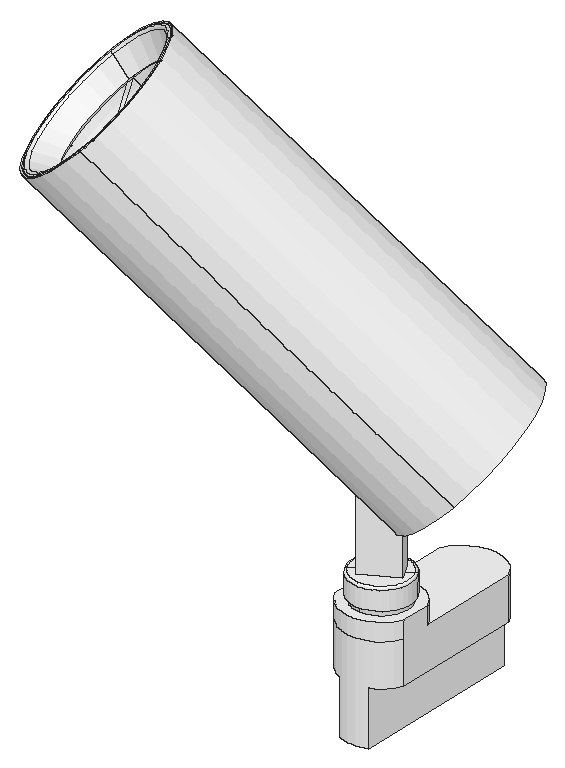
Revit family "0005442", category Lighting Fixtures, host Face, Revit 2017
Family settings
  Host = Face
  Round Connector Dimension = Use Diameter
  Part Type = Normal
  OmniClass Number = 23.80.70.00
  OmniClass Title = Lighting
  Cut with Voids When Loaded = No
  Light Source = No
  Shared = No
  Room Calculation Point = No
Parameters (values of type "0005442 PIXO MEDIUM 2800LM 930 NB MB WB WHT - 24 degree")
  Weight = "7.136 kg"
  Wattage Comments = ""
  WarrantyStartDate [instance] = "n/a"
  WarrantyGuarantorParts = "n/a"
  WarrantyDurationUnit = "n/a"
  WarrantyDurationParts = "n/a"
  WarrantyDescription = "n/a"
  Voltage = 0 V
  VerticalRotation_SYL [instance] = 60.00°
  VerticalEndAngle_SYL [instance] = VerticalRotation_SYL - 180.00°  # -120.00°
  URL = "http://www.sylvania-lighting.com"
  TypeName = "Pixo Medium 2800lm 930 NB MB WB WHT"
  TypeHead_SYL = START Track Spot Integral Head : 0005442 - 24 degree
  TypeArm_SYL = START Track Spot Integral Arm : START Track Spot Integral WH
  Type Image = <None>
  Type Comments = "n/a"
  SerialNumber [instance] = "n/a"
  Material_3_SYL = none
  PowerFactor = 0.9
  PowerConsumption = "32 W"
  NominalLength = 283 mm
  NominalHeight = 81 mm
  NominalDepth = 86 mm
  Name = "Pixo Medium 2800lm 930 NB MB WB WHT"
  ModelReference = Name  # "Pixo Medium 2800lm 930 NB MB WB WHT"
  ModelNumber = "0005442"
  Model = Name  # "Pixo Medium 2800lm 930 NB MB WB WHT"
  Material = "n/a"
  ManufacturerName = "Feilo Sylvania"
  Manufacturer = "Feilo Sylvania"
  LuminousEfficacy = "89 lm/W"
  LuminaireType = ""
  LightOutputRatio = "n/a"
  LampsType = Lamp  # "LED"
  LampNominalLuminous = "2835 lm"
  LampMacAdamStep = "5"
  LampColourTemperature = "3000 K"
  LampColourRenderingIndex = "90"
  Lamp = "LED"
  Keynote = "16500"
  InstallationDate [instance] = "n/a"
  InputVoltage = "n/a"
  InputNominalFrequency = "n/a"
  IngressProtection = "IP20"
  ImpactProtectionIndex = "IK03"
  IfcExportType = "IfcLightFixtureType"
  IfcExportAs = "IfcLightFixtureType"
  HorizontalRotation_SYL [instance] = 45.00°
  ExpectedLife = 50000
  ElectricShockClassification = "Class I"
  DurationUnit = "hours"
  DocumentationLiterature = "http://www.sylvania-lighting.com/product/en-int/products/0005442"
  DimmingControlOptions = "n/a"
  Material_2_SYL = Spacer-Sylvania-StartTrackSpot-Aluminium
  Description = "Integrated LED spotlight, Textured White - RAL9016, simple and slick integral design with no driver box and without any visible screws, ideal for retail applications, die-cast aluminium body, passive cooling heatsink. Beam angle: 36°, additional lenses 24° and 54° beam angle included, color temperature: 3000K , total system power: 32W, total fixture output: 2835 lm, LOR: 100%, colour rendering: Ra: 90 typical, LED Chromaticity: 3 step MacAdam ellipse, lifetime: >50000 hours at L70B50, energy class: A++, A+, A, IR/UV free light source without heat radiation, operating voltage: 220-240V / 50-60Hz,  electronic driver, non-dimmable, ultra low LED flickering rate (5% or less), power factor: >0.90, electrical protection: Class I, Global Track 3 Circuit GA69 adapter suitable for Global trac 3-circuit tracks, ingress protection rating: IP20, suitable for internal environment only, horizontal rotation: 345°, vertical tilt: 90°, dimensions: Ø81x86x283, weight: 0.892kg."
  Default Elevation = 1219.2 mm
  CreatedOn = "9/9/2020"
  CreatedBy = "@sylvania-lighting.com"
  Cost = 0
  built-in parameter 1114216 [instance] = (empty or 0)
  ClassificationValue = "EF_70_80"
  ClassificationName = "Uniclass2015"
  Material_1_SYL = Body-Sylvania-StartTrackSpot-White
  BarCode [instance] = "n/a"
  AssetType = "Fixed"
  AssetIdentifier [instance] = "n/a"
  Assembly Code = "D5020200"
  Apparent Load = 32 VA
  Material_4_SYL = none
Reference planes
  plane 1 "Center (Front/Back)": y = 0
  plane 2: z = 0
  plane 3 "Center (Left/Right)": x = 0
  plane 4: x = 16.6
  plane 5: x = -16.6
  plane 6: x = 7
  plane 7: x = -7
  plane 8: x = -12.8
  plane 9: y = 42
  plane 10: y = 42
  plane 11: y = -42
  plane 12: y = 31.4
  plane 13: y = -31.4
  plane 14: z = -26
  plane 15: z = 20.3
  plane 16: z = 28.5
  plane 17: z = 31.2
  plane 18: y = -17.4
  plane 19: y = -6.8
  plane 20: y = -24.4
Forms (mm)
  Extrusion 1, solid, material "Body-Sylvania-StartTrackSpot-White" <- "Material_1_SYL"
    sketch origin (0, 0, 0) x (1, 0, 0) y (0, 1, 0)
      loop
        line (-16.6, 31.4) -> (-16.6, -31.4)
        arc (-16.6, -31.4) -> (0, -42) -> (16.6, -31.4) r 18.298
        line (16.6, -31.4) -> (16.6, 31.4)
        arc (16.6, 31.4) -> (0, 42) -> (-16.6, 31.4) r 18.298
    from -26 to 20.3
  Extrusion 2, void
    sketch origin (0, 0, 0) x (1, 0, 0) y (0, 1, 0)
      loop
        arc (-7, 40.608) -> (-12.666, 36.907) -> (-16.6, 31.4) r 18.298
        line (-16.6, 31.4) -> (-16.6, -31.4)
        arc (-16.6, -31.4) -> (-12.666, -36.907) -> (-7, -40.608) r 18.298
        line (-7, -40.608) -> (-7, 40.608)
      loop
        line (16.6, -31.4) -> (16.6, 31.4)
        arc (16.6, 31.4) -> (12.666, 36.907) -> (7, 40.608) r 18.298
        line (7, 40.608) -> (7, -40.608)
        arc (7, -40.608) -> (12.666, -36.907) -> (16.6, -31.4) r 18.298
    from 0 to -26
  Extrusion 3, solid, material "Body-Sylvania-StartTrackSpot-White" <- "Material_1_SYL"
    sketch origin (1223.4, -4572, 20.3) x (0, -1, 0) y (-1, 0, 0)
      loop
        line (-4540.6, 1240) -> (-4554.6, 1240)
        arc (-4554.6, 1240) -> (-4565.2, 1223.4) -> (-4554.6, 1206.8) r 18.298
        line (-4554.6, 1206.8) -> (-4540.6, 1206.8)
        arc (-4540.6, 1206.8) -> (-4530, 1223.4) -> (-4540.6, 1240) r 18.298
    from -8.2 to 0
  Extrusion 4, solid, material "Spacer-Sylvania-StartTrackSpot-Aluminium" <- "Material_2_SYL"
    sketch origin (1223.4, -4572, 28.5) x (0, -1, 0) y (-1, 0, 0)
      loop
        circle (-4547.6, 1223.4) r 12.7
    from 0 to -2.7
  Revolve 5, solid, not visible
    sketch origin (1524, -24.4, 1219.2) x (1, 0, 0) y (0, 0, 1)
      loop
        line (-1524, -1188) -> (-1524, -1168.735) -> (-1531, -1168.735) -> (-1531, -1188) -> (-1524, -1188)
      axis (-1524, -1168.735) -> (-1524, -1188)
    angle from 60 <- "VerticalRotation_SYL" to -120 <- "VerticalEndAngle_SYL"
Cuts and joins
  Extrusion 2 cuts Extrusion 1
  joined: Extrusion 1, Extrusion 3
Lines and regions (mm)
  reference lines
    curve 1: circle (0, -24.4, 0) r 12.7 normal (0, 0, 1)
    curve 2: arc (-16.6, -31.4, 0) -> (0, -42, 0) -> (16.6, -31.4, 0) r 18.298
    curve 3: arc (-16.6, -17.4, 0) -> (0, -6.8, 0) -> (16.6, -17.4, 0) r 18.298
    curve 4: arc (-16.6, 31.4, 0) -> (0, 42, 0) -> (16.6, 31.4, 0) r 18.298
Dimensions and locks
  plane 6 to plane 3 "Center (Left/Right)" to plane 7 = 7 mm locked, 7 mm locked
  plane 4 to plane 3 "Center (Left/Right)" to plane 5 = 16.6 mm locked, 16.6 mm locked
  locked: plane 3 "Center (Left/Right)" to plane 8 at 12.8
  plane 11 to plane 1 "Center (Front/Back)" to plane 10 = 42 mm locked, 42 mm locked
  plane 13 to plane 1 "Center (Front/Back)" to plane 12 = 31.4 mm locked, 31.4 mm locked
  locked: plane 2 to plane 14 at 26
  locked: plane 15 to plane 2 at 20.3
  plane 17 to plane 16 to plane 15 = 2.7 mm locked, 8.2 mm locked
  locked: plane 13 to plane 18 at 14
  locked: plane 18 to plane 19 at 10.6
  equal spacing: plane 13, plane 20, plane 18
  locked: plane 20 to curve 2 at 0.698
  locked: curve 3 to plane 20 at 0.698
  aligned and locked: plane 2 to host face
  aligned and locked: level to host face
  aligned and locked: plane 3 "Center (Left/Right)" to curve 1
  aligned and locked: plane 20 to curve 1
  aligned and locked: plane 13 to curve 2  (x2)
  aligned and locked: plane 18 to curve 3  (x2)
  aligned and locked: plane 12 to curve 4  (x2)
  aligned and locked: plane 4 to curve 4
  aligned and locked: plane 3 "Center (Left/Right)" to curve 4
  aligned and locked: plane 5 to curve 2
  aligned and locked: plane 5 to curve 3
  aligned and locked: plane 4 to curve 3
  aligned and locked: plane 4 to curve 2
  aligned and locked: plane 12 to Extrusion 1 sketch curve
  aligned and locked: plane 13 to Extrusion 1 sketch curve
  aligned and locked: Extrusion 1 sketch curve to curve 4
  aligned and locked: Extrusion 1 sketch curve to curve 2
  aligned and locked: Extrusion 1 to plane 15
  aligned and locked: plane 14 to Extrusion 1
  aligned and locked: Extrusion 2 sketch curve to Extrusion 1  (x5)
  aligned and locked: Extrusion 2 sketch curve to plane 7
  aligned and locked: plane 14 to Extrusion 2
  aligned and locked: level to Extrusion 2
  aligned and locked: Extrusion 3 sketch curve to cut or joined group of Extrusion 1, Extrusion 2, Extrusion 3  (x2)
  aligned and locked: Extrusion 3 sketch curve to curve 3
  aligned and locked: cut or joined group of Extrusion 1, Extrusion 2, Extrusion 3 to Extrusion 3 sketch curve
  aligned and locked: Extrusion 3 to plane 16
  aligned and locked: plane 15 to Extrusion 3
  aligned and locked: Extrusion 4 sketch curve to curve 1
  aligned and locked: Extrusion 4 to plane 17
  aligned and locked: plane 16 to Extrusion 4
  aligned and locked: Revolve 5 sketch curve to plane 3 "Center (Left/Right)"
  aligned and locked: Extrusion 4 to Revolve 5 sketch curve
  aligned and locked: Revolve 5 sketch curve to Extrusion 4
  aligned and locked: plane 17 to nested 1
Automatic sketch dimensions
  host sketch curve to host sketch curve = 2438.4 mm  (x2)
  plane 12 to curve 4 = 7.698 mm
  plane 12 to Extrusion 2 sketch curve = 0 mm
  Extrusion 2 sketch curve to Extrusion 2 sketch curve = 0 mm  (x2)
  Extrusion 2 sketch curve to plane 6 = 0 mm
  Revolve 5 sketch curve to plane 7 = 0 mm
  Revolve 5 sketch curve to Revolve 5 sketch curve = 19.265 mm
  plane 14 to Revolve 5 sketch curve = 583.6 mm
  Revolve 5 sketch curve to Revolve 5 sketch curve = 2558.594 mm
  radius of curve 1 = 12.7 mm
Nested families
  nested 1: "START Track Spot Integral Arm" at (0, -24.4, 31.2) x (0, 0, -1) z (0.866, 0.5, 0), type <- "TypeArm_SYL", HorizontalRotation_SYL <- "HorizontalRotation_SYL", type "START Track Spot Integral WH"
    with HorizontalRotation_SYL 45.00°, HorizontalEndAngle_SYL -135.00°
  nested 2: "START Track Spot Integral Head" at (18.677, -13.617, 104.767) x (-0.5, 0.866, 0) z (0.6124, 0.3536, -0.7071), type <- "TypeHead_SYL", type "0005442 - 24 degree"
    with built-in parameter 1114216 (empty or 0)
Connectors
  electrical at (0, 0, 0), driven by "Apparent Load", driven by "PowerFactor", driven by "Voltage"
    settings: index 1, voltage 0 V, apparent load 32 VA, apparent load phase1 0 VA, apparent load phase2 0 VA, apparent load phase3 0 VA, power factor 0.9, load classification "Lighting", number of poles 1, system type 30, power factor state 1, is connector primary yes, connector utility no, sub classification motor no, connector description ""
Definition of nested family "START Track Spot Integral Arm"
  Parameters (values of type "START Track Spot Integral WH")
    URL = "http://www.sylvania-lighting.com"
    Type Image = (empty or 0)
    Type Comments = "n/a"
    Material_3_SYL = none
    Model = ""
    Manufacturer = "Feilo Sylvania"
    Keynote = ""
    Material_2_SYL = none
    HorizontalRotation_SYL [instance] = 0.00°
    HorizontalEndAngle_SYL [instance] = HorizontalRotation_SYL - 180.00°  # -180.00°
    Description = ""
    Default Elevation = 1219.2 mm
    Cost = 0
    Material_1_SYL = none
    Assembly Code = ""
    Material_4_SYL = none
  Types (2): name
    START Track Spot Integral WH
    START Track Spot Integral BL
  Reference planes
    plane 1 "Center (Front/Back)": y = 0
    plane 2: z = 0
    plane 3 "Center (Left/Right)": x = 0
    plane 4: x = -10
    plane 5: z = -14
    plane 6: z = -14
    plane 7: z = 14
    plane 8: x = -52
    plane 9: z = 9
    plane 10: z = -9
    plane 11: x = -60
    plane 12: y = 4.5
    plane 13: y = -4.5
    plane 14: x = -9
    plane 15: z = 13
    plane 16: z = 4
    plane 17: z = -4
    plane 18: x = -55
  Forms (mm)
    Extrusion 1, solid
      sketch origin (4.2, 0, 0) x (1, 0, 0) y (0, 1, 0)
        loop
          line (-1219.2, 1219.2) -> (-1219.2, -1219.2) -> (1219.2, -1219.2) -> (1219.2, 1219.2) -> (-1219.2, 1219.2)
      from 0 to -68.017
    Revolve 2, solid, material <- "Material_1_SYL"
      sketch origin (0, 0, 0) x (1, 0, 0) y (0, 0, 1)
        loop
          line (0, 0) -> (0, 14) -> (-9, 14)
          arc (-9, 14) -> (-9.707, 13.707) -> (-10, 13) r 1
          line (-10, 13) -> (-10, 0) -> (0, 0)
        axis (-10, 0) -> (0, 0)
      angle from 360 to 0
    Extrusion 3, solid, material <- "Material_1_SYL"
      sketch origin (0, 0, 0) x (1, 0, 0) y (0, 0, 1)
        loop
          line (-10, 9) -> (-55, 9)
          arc (-55, 9) -> (-58.536, 7.536) -> (-60, 4) r 5
          line (-60, 4) -> (-60, -4)
          arc (-60, -4) -> (-58.536, -7.536) -> (-55, -9) r 5
          line (-55, -9) -> (-10, -9) -> (-10, 9)
      from -4.5 to 4.5
    Revolve 4, solid, not visible
      sketch origin (-52, -4572, 2609.058) x (0, 0, 1) y (0, -1, 0)
        loop
          line (-2609.058, -4553.46) -> (-2609.058, -4590.54) -> (-2605.058, -4590.54) -> (-2605.058, -4553.46) -> (-2609.058, -4553.46)
        axis (-2609.058, -4553.46) -> (-2609.058, -4590.54)
      angle from 0 <- "HorizontalRotation_SYL" to -180 <- "HorizontalEndAngle_SYL"
  Dimensions and locks
    locked: plane 3 "Center (Left/Right)" to plane 4 at 10
    plane 7 to plane 2 to plane 6 = 14 mm locked, 14 mm locked
    locked: plane 4 to plane 8 at 42
    plane 13 to plane 1 "Center (Front/Back)" to plane 12 = 4.5 mm locked, 4.5 mm locked
    locked: plane 14 to plane 4 at 1
    locked: plane 7 to plane 15 at 1
    locked: plane 9 to plane 16 at 5
    locked: plane 17 to plane 10 at 5
    equal spacing: Revolve 4 sketch curve, plane 1 "Center (Front/Back)", Revolve 4 sketch curve
    locked: Revolve 4 sketch curve to plane 1 "Center (Front/Back)" at 18.54
    locked: plane 18 to plane 11 at 5
    locked: plane 4 to plane 11 at 50
    aligned and locked: plane 2 to Extrusion 1
    aligned and locked: level to Extrusion 1
    aligned and locked: level to Revolve 2 sketch curve  (x2)
    aligned and locked: plane 3 "Center (Left/Right)" to Revolve 2 sketch curve
    aligned and locked: Revolve 2 sketch curve to plane 7
    aligned and locked: plane 4 to Revolve 2 sketch curve
    aligned and locked: plane 15 to Revolve 2 sketch curve
    aligned and locked: plane 14 to Revolve 2 sketch curve
    aligned and locked: Revolve 2 sketch curve to plane 2
    aligned and locked: Extrusion 3 sketch curve to plane 9
    aligned and locked: plane 4 to Extrusion 3 sketch curve
    aligned and locked: plane 10 to Extrusion 3 sketch curve
    aligned and locked: Extrusion 3 sketch curve to plane 11
    aligned and locked: plane 13 to Extrusion 3
    aligned and locked: Extrusion 3 to plane 12
    aligned and locked: plane 16 to Extrusion 3 sketch curve
    aligned and locked: plane 17 to Extrusion 3 sketch curve
    aligned and locked: Revolve 4 sketch curve to level
    aligned and locked: Revolve 4 sketch curve to plane 16
    aligned and locked: Revolve 4 sketch curve to plane 2
    aligned and locked: plane 18 to Extrusion 3 sketch curve  (x2)
Definition of nested family "START Track Spot Integral Head"
  Parameters (values of type "0005442 - 54 degree")
    WidthCutOut_SYL = 9.5 mm  # constant formula
    Wattage Comments = "n/a"
    Wattage = 33 W
    built-in parameter 1150110 = 1 (stored number, unit not read)
    URL = "http://www.sylvania-lighting.com"
    Type Image = (empty or 0)
    Type Comments = "n/a"
    built-in parameter 1114217 = 1 (stored number, unit not read)
    Tilt Angle = 90.00°
    built-in parameter 1150109 = 1 (stored number, unit not read)
    built-in parameter 1150134 = (empty or 0)
    built-in parameter 1150113 = 1 (stored number, unit not read)
    S_SYL = no
    RadiusLensOut_SYL = if(S_SYL, 21 mm, if(M_SYL, 30.5 mm, 33 mm))  # 30.5 mm
    RadiusLensHolder_SYL = 1.8 mm  # constant formula
    RadiusHead_SYL = if(S_SYL, 30 mm, if(M_SYL, 40 mm, 45.5 mm))  # 40 mm
    RadiusEmission_SYL = if(S_SYL, 8 mm, if(M_SYL, 16.5 mm, 16.5 mm))  # 16.5 mm
    Photometric Web File = "0005442_54.ies"
    built-in parameter 1150142 = "IESNA:LM-63-2002\r\n[TEST] 202000173-1\r\n[TESTLAB] \r\n[TESTDATE] 6 Jun 2020\r\n[ISSUEDATE] 6 Jun 2020\r\n[MANUFAC] Sylvania\r\n[LUMCAT] 202000173-1\r\n[LUMINAIRE] FT1080-W-3000£¨54¡ã£©\r\n[FLASHAREA] 0.000985\r\n[LAMPCAT] 202000173-1\r\n[LAMP] LED 32W - 30.76 W\r\nTILT=NONE\r\n1 2837.90 1.0 181 4 1 2 -0.072 -0.072 0.000\r\n1.00 1.00 30.76\r\n0.00 1.00 2.00 3.00 4.00 5.00 6.00 7.00 8.00 9.00 10.00 \r\n11.00 12.00 13.00 14.00 15.00 16.00 17.00 18.00 19.00 \r\n20.00 21.00 22.00 23.00 24.00 25.00 26.00 27.00 28.00 \r\n29.00 30.00 31.00 32.00 33.00 34.00 35.00 36.00 37.00 \r\n38.00 39.00 40.00 41.00 42.00 43.00 44.00 45.00 46.00 \r\n47.00 48.00 49.00 50.00 51.00 52.00 53.00 54.00 55.00 \r\n56.00 57.00 58.00 59.00 60.00 61.00 62.00 63.00 64.00 \r\n65.00 66.00 67.00 68.00 69.00 70.00 71.00 72.00 73.00 \r\n74.00 75.00 76.00 77.00 78.00 79.00 80.00 81.00 82.00 \r\n83.00 84.00 85.00 86.00 87.00 88.00 89.00 90.00 91.00 \r\n92.00 93.00 94.00 95.00 96.00 97.00 98.00 99.00 100.00 \r\n101.00 102.00 103.00 104.00 105.00 106.00 107.00 108.00 \r\n109.00 110.00 111.00 112.00 113.00 114.00 115.00 116.00 \r\n117.00 118.00 119.00 120.00 121.00 122.00 123.00 124.00 \r\n125.00 126.00 127.00 128.00 129.00 130.00 131.00 132.00 \r\n133.00 134.00 135.00 136.00 137.00 138.00 139.00 140.00 \r\n141.00 142.00 143.00 144.00 145.00 146.00 147.00 148.00 \r\n149.00 150.00 151.00 152.00 153.00 154.00 155.00 156.00 \r\n157.00 158.00 159.00 160.00 161.00 162.00 163.00 164.00 \r\n165.00 166.00 167.00 168.00 169.00 170.00 171.00 172.00 \r\n173.00 174.00 175.00 176.00 177.00 178.00 179.00 180.00 \r\n0.00 30.00 60.00 90.00 \r\n3424.87 3400.90 3409.08 3414.36 3412.88 3409.36 3401.93 \r\n3390.44 3375.38 3351.78 3320.61 3281.94 3233.88 3182.93 \r\n3126.47 3065.61 3001.69 2928.48 2853.69 2765.69 2672.48 \r\n2574.63 2460.76 2334.53 2207.60 2071.70 1934.64 1796.64 \r\n1660.39 1518.09 1379.19 1237.68 1100.86 974.23 844.33 \r\n736.17 626.33 532.77 448.08 381.66 319.51 272.53 234.33 \r\n205.17 179.59 159.16 141.12 127.81 115.93 106.61 97.92 \r\n90.67 84.39 78.81 73.69 68.86 64.79 60.84 57.44 54.20 \r\n51.11 48.30 45.35 42.75 38.04 35.44 32.89 30.48 28.29 \r\n26.12 24.27 22.41 20.64 18.91 17.08 15.05 12.73 11.01 \r\n9.53 8.04 6.60 5.14 3.72 2.47 1.62 1.07 0.66 0.36 0.14 \r\n0.04 0.01 0.01 0.01 0.01 0.01 0.01 0.01 0.01 0.01 0.01 \r\n0.02 0.02 0.02 0.03 0.03 0.03 0.04 0.05 0.05 0.05 0.06 \r\n0.00 0.00 0.00 0.00 0.00 0.00 0.00 0.00 0.00 0.00 0.00 \r\n0.00 0.00 0.00 0.00 0.00 0.00 0.00 0.00 0.00 0.00 0.00 \r\n0.00 0.00 0.00 0.00 0.00 0.00 0.00 0.00 0.00 0.00 0.00 \r\n0.00 0.00 0.00 0.00 0.00 0.00 0.00 0.00 0.00 0.00 0.00 \r\n0.00 0.00 0.00 0.00 0.00 0.00 0.00 0.00 0.00 0.00 0.00 \r\n0.00 0.00 0.00 0.00 0.00 0.00 0.00 0.00 0.00 0.00 0.00 \r\n0.00 0.00 0.00 0.00 \r\n3424.87 3417.38 3416.81 3414.97 3413.03 3408.78 3403.46 \r\n3391.38 3372.47 3347.86 3317.13 3278.50 3232.49 3181.28 \r\n3127.55 3064.67 2999.36 2926.45 2849.46 2764.13 2670.02 \r\n2566.43 2451.14 2334.84 2204.70 2071.63 1937.47 1799.87 \r\n1662.70 1524.23 1387.61 1244.65 1111.42 980.97 854.20 \r\n740.61 632.89 542.53 459.49 388.39 328.04 280.96 240.66 \r\n208.56 182.68 161.70 143.73 129.37 117.35 107.63 98.77 \r\n91.29 84.71 78.92 74.00 69.40 65.31 61.45 57.92 54.61 \r\n51.40 48.44 45.01 41.64 38.38 35.18 32.72 30.28 28.09 \r\n26.01 24.07 22.21 20.42 18.62 16.63 14.71 12.77 10.96 \r\n9.40 7.95 6.56 5.11 3.82 2.63 1.75 1.13 0.69 0.39 0.18 \r\n0.07 0.03 0.02 0.02 0.02 0.02 0.02 0.02 0.02 0.02 0.02 \r\n0.03 0.03 0.03 0.03 0.03 0.03 0.03 0.04 0.04 0.05 0.05 \r\n0.00 0.00 0.00 0.00 0.00 0.00 0.00 0.00 0.00 0.00 0.00 \r\n0.00 0.00 0.00 0.00 0.00 0.00 0.00 0.00 0.00 0.00 0.00 \r\n0.00 0.00 0.00 0.00 0.00 0.00 0.00 0.00 0.00 0.00 0.00 \r\n0.00 0.00 0.00 0.00 0.00 0.00 0.00 0.00 0.00 0.00 0.00 \r\n0.00 0.00 0.00 0.00 0.00 0.00 0.00 0.00 0.00 0.00 0.00 \r\n0.00 0.00 0.00 0.00 0.00 0.00 0.00 0.00 0.00 0.00 0.00 \r\n0.00 0.00 0.00 0.00 \r\n3424.87 3423.16 3421.37 3419.92 3417.63 3413.79 3404.88 \r\n3391.57 3372.21 3345.77 3314.80 3276.67 3232.56 3181.61 \r\n3126.55 3064.77 2996.83 2922.22 2841.16 2754.97 2661.64 \r\n2560.04 2448.29 2329.78 2202.22 2070.79 1935.22 1800.36 \r\n1660.86 1522.71 1386.32 1246.32 1113.35 985.25 859.67 \r\n748.04 642.09 547.19 465.35 392.00 332.20 281.10 242.60 \r\n209.63 183.90 162.30 145.19 129.95 117.76 107.81 98.98 \r\n91.37 84.90 79.03 73.81 69.14 64.86 60.94 57.40 54.04 \r\n50.91 48.01 44.52 41.36 38.00 35.19 32.51 30.18 27.94 \r\n25.86 23.91 22.04 20.27 18.43 16.52 14.57 12.64 10.90 \r\n9.32 7.84 6.43 5.08 3.76 2.65 1.77 1.13 0.68 0.38 0.19 \r\n0.08 0.03 0.01 0.01 0.01 0.02 0.02 0.02 0.02 0.02 0.02 \r\n0.02 0.02 0.03 0.03 0.03 0.03 0.03 0.04 0.04 0.04 0.05 \r\n0.00 0.00 0.00 0.00 0.00 0.00 0.00 0.00 0.00 0.00 0.00 \r\n0.00 0.00 0.00 0.00 0.00 0.00 0.00 0.00 0.00 0.00 0.00 \r\n0.00 0.00 0.00 0.00 0.00 0.00 0.00 0.00 0.00 0.00 0.00 \r\n0.00 0.00 0.00 0.00 0.00 0.00 0.00 0.00 0.00 0.00 0.00 \r\n0.00 0.00 0.00 0.00 0.00 0.00 0.00 0.00 0.00 0.00 0.00 \r\n0.00 0.00 0.00 0.00 0.00 0.00 0.00 0.00 0.00 0.00 0.00 \r\n0.00 0.00 0.00 0.00 \r\n3424.87 3424.20 3422.85 3421.96 3419.16 3416.48 3408.72 \r\n3395.54 3378.69 3355.77 3323.54 3283.42 3237.00 3187.83 \r\n3131.02 3067.45 3000.55 2926.09 2844.72 2757.81 2664.04 \r\n2561.42 2450.70 2331.51 2203.44 2071.43 1936.53 1798.13 \r\n1658.49 1519.15 1379.52 1244.04 1110.01 979.28 854.03 \r\n741.07 637.39 543.93 463.50 393.83 333.60 286.23 243.17 \r\n211.22 185.41 162.84 145.51 130.53 118.51 107.89 99.07 \r\n91.35 84.68 78.74 73.43 68.70 64.40 60.47 56.86 53.50 \r\n50.41 47.43 43.82 40.97 38.25 34.67 32.19 29.79 27.60 \r\n25.56 23.59 21.76 20.02 18.23 16.32 14.36 12.53 10.73 \r\n9.22 7.82 6.43 5.00 3.72 2.55 1.68 1.05 0.63 0.35 0.17 \r\n0.07 0.01 0.00 0.01 0.01 0.01 0.01 0.01 0.02 0.02 0.02 \r\n0.02 0.02 0.03 0.03 0.03 0.04 0.04 0.04 0.04 0.05 0.00 \r\n0.00 0.00 0.00 0.00 0.00 0.00 0.00 0.00 0.00 0.00 0.00 \r\n0.00 0.00 0.00 0.00 0.00 0.00 0.00 0.00 0.00 0.00 0.00 \r\n0.00 0.00 0.00 0.00 0.00 0.00 0.00 0.00 0.00 0.00 0.00 \r\n0.00 0.00 0.00 0.00 0.00 0.00 0.00 0.00 0.00 0.00 0.00 \r\n0.00 0.00 0.00 0.00 0.00 0.00 0.00 0.00 0.00 0.00 0.00 \r\n0.00 0.00 0.00 0.00 0.00 0.00 0.00 0.00 0.00 0.00 0.00 \r\n0.00 0.00 0.00 0.00 \r\n"
    Material_3_SYL = none
    Model = "ST TRK SPT INTGRL 2700LM 930 MB WHT"
    Manufacturer = "Feilo Sylvania"
    M_SYL = yes
    built-in parameter 1150105 = 214.86 (stored number, unit not read)
    Lumens = 2700 lm
    built-in parameter 1150115 = 1 (stored number, unit not read)
    built-in parameter 1150137 = (empty or 0)
    built-in parameter 1150139 = (empty or 0)
    built-in parameter 1150112 = 1 (stored number, unit not read)
    built-in parameter 1150114 = 1 (stored number, unit not read)
    Lamp = "LED"
    Keynote = "16500"
    Material_2_SYL = none
    built-in parameter 1150132 = (empty or 0)
    built-in parameter 1150102 = (empty or 0)
    built-in parameter 1150107 = 3000 (stored number, unit not read)
    built-in parameter 1150138 = (empty or 0)
    built-in parameter 1150106 = 2.1486 (stored number, unit not read)
    Height_SYL = if(S_SYL, 160 mm, if(M_SYL, 200 mm, 215 mm))  # 200 mm
    Emit from Circle Diameter = RadiusLensOut_SYL * 2  # 61 mm
    Emit Shape Visible in Rendering = no
    built-in parameter 1150104 = 7.6012 (stored number, unit not read)
    DistRotateAxisY_SYL = 16.8 mm  # constant formula
    Dimming Lamp Color Temperature Shift = (empty or 0)
    Description = ""
    DepthLens_SYL = 1.25 * (RadiusHead_SYL - 1 mm - RadiusLensOut_SYL)  # 10.625 mm
    DepthEmission_SYL = Height_SYL / 6.4  # 31.25 mm
    DepthCutOut_SYL = WidthCutOut_SYL * 2  # 19 mm
    Default Elevation = 1219.2 mm
    Cost = 0
    Color Filter = 16777215
    built-in parameter 1114216 [instance] = (empty or 0)
    Material_1_SYL = none
    built-in parameter 1114218 = 1 (stored number, unit not read)
    built-in parameter 1150133 = 10 (stored number, unit not read)
    Assembly Code = "D5020200"
    Apparent Load = 33 VA
    Material_4_SYL = none
  Types (3, lengths in mm): name | Photometric Web File | built-in parameter 1150142
    0005442 - 24 degree | "0005442_24.ies" | "IESNA:LM-63-2002\r\n[TEST] 202000173-1\r\n[TESTLAB] \r\n[TESTDATE] 6 Jun 2020\r\n[ISSUEDATE] 6 Jun 2020\r\n[MANUFAC] Sylvania\r\n[LUMCAT] 202000173-1\r\n[LUMINAIRE] FT1080-W-3000£¨24¡ã£©\r\n[FLASHAREA] 0.000985\r\n[LAMPCAT] 202000173-1\r\n[LAMP] LED 32W - 30.76 W\r\nTILT=NONE\r\n1 2619.70 1.0 181 4 1 2 -0.072 -0.072 0.000\r\n1.00 1.00 30.76\r\n0.00 1.00 2.00 3.00 4.00 5.00 6.00 7.00 8.00 9.00 10.00 \r\n11.00 12.00 13.00 14.00 15.00 16.00 17.00 18.00 19.00 \r\n20.00 21.00 22.00 23.00 24.00 25.00 26.00 27.00 28.00 \r\n29.00 30.00 31.00 32.00 33.00 34.00 35.00 36.00 37.00 \r\n38.00 39.00 40.00 41.00 42.00 43.00 44.00 45.00 46.00 \r\n47.00 48.00 49.00 50.00 51.00 52.00 53.00 54.00 55.00 \r\n56.00 57.00 58.00 59.00 60.00 61.00 62.00 63.00 64.00 \r\n65.00 66.00 67.00 68.00 69.00 70.00 71.00 72.00 73.00 \r\n74.00 75.00 76.00 77.00 78.00 79.00 80.00 81.00 82.00 \r\n83.00 84.00 85.00 86.00 87.00 88.00 89.00 90.00 91.00 \r\n92.00 93.00 94.00 95.00 96.00 97.00 98.00 99.00 100.00 \r\n101.00 102.00 103.00 104.00 105.00 106.00 107.00 108.00 \r\n109.00 110.00 111.00 112.00 113.00 114.00 115.00 116.00 \r\n117.00 118.00 119.00 120.00 121.00 122.00 123.00 124.00 \r\n125.00 126.00 127.00 128.00 129.00 130.00 131.00 132.00 \r\n133.00 134.00 135.00 136.00 137.00 138.00 139.00 140.00 \r\n141.00 142.00 143.00 144.00 145.00 146.00 147.00 148.00 \r\n149.00 150.00 151.00 152.00 153.00 154.00 155.00 156.00 \r\n157.00 158.00 159.00 160.00 161.00 162.00 163.00 164.00 \r\n165.00 166.00 167.00 168.00 169.00 170.00 171.00 172.00 \r\n173.00 174.00 175.00 176.00 177.00 178.00 179.00 180.00 \r\n0.00 30.00 60.00 90.00 \r\n11641.30 11908.43 11828.96 11656.08 11400.67 11039.19 \r\n10581.35 10001.32 9261.80 8488.48 7637.83 6793.05 5945.57 \r\n5196.90 4490.15 3894.20 3355.78 2882.19 2470.07 2116.88 \r\n1792.37 1528.21 1269.92 1055.31 869.91 710.57 581.14 \r\n474.23 388.08 311.78 254.81 210.26 177.08 153.42 131.42 \r\n117.04 106.18 98.59 92.50 87.49 82.93 79.05 75.54 72.44 \r\n69.83 67.57 65.76 64.42 63.29 62.64 62.11 61.74 61.45 \r\n61.01 60.42 59.71 58.87 57.81 56.56 55.03 53.31 51.37 \r\n49.37 47.32 45.10 42.91 40.64 38.39 36.04 33.59 31.18 \r\n28.60 26.10 23.69 21.26 18.94 16.48 14.05 11.83 10.18 \r\n8.61 6.85 4.52 2.49 1.37 0.95 0.60 0.34 0.15 0.05 0.02 \r\n0.01 0.01 0.01 0.01 0.01 0.01 0.01 0.01 0.02 0.02 0.03 \r\n0.03 0.03 0.03 0.03 0.03 0.04 0.04 0.04 0.05 0.00 0.00 \r\n0.00 0.00 0.00 0.00 0.00 0.00 0.00 0.00 0.00 0.00 0.00 \r\n0.00 0.00 0.00 0.00 0.00 0.00 0.00 0.00 0.00 0.00 0.00 \r\n0.00 0.00 0.00 0.00 0.00 0.00 0.00 0.00 0.00 0.00 0.00 \r\n0.00 0.00 0.00 0.00 0.00 0.00 0.00 0.00 0.00 0.00 0.00 \r\n0.00 0.00 0.00 0.00 0.00 0.00 0.00 0.00 0.00 0.00 0.00 \r\n0.00 0.00 0.00 0.00 0.00 0.00 0.00 0.00 0.00 0.00 0.00 \r\n0.00 0.00 \r\n11641.30 11796.25 11697.45 11518.49 11251.51 10870.83 \r\n10398.30 9803.37 9086.53 8330.98 7501.56 6693.68 5893.11 \r\n5154.14 4497.88 3872.50 3339.78 2883.54 2479.95 2118.76 \r\n1807.49 1523.53 1279.27 1062.29 877.01 723.36 595.80 \r\n489.41 399.83 327.37 271.77 224.20 187.29 159.49 139.14 \r\n122.41 110.32 101.41 94.51 88.89 84.24 80.16 76.78 73.74 \r\n71.06 68.90 67.20 65.79 64.71 63.92 63.34 62.87 62.48 \r\n62.01 61.40 60.57 59.55 58.29 56.88 55.28 53.45 51.55 \r\n49.40 47.36 45.19 42.96 40.75 38.47 36.19 33.78 31.33 \r\n28.81 26.30 23.83 21.41 19.05 16.59 14.20 12.03 10.08 \r\n8.39 6.40 4.61 2.83 1.66 0.98 0.61 0.35 0.18 0.08 0.03 \r\n0.02 0.01 0.01 0.01 0.01 0.01 0.02 0.02 0.02 0.02 0.02 \r\n0.02 0.02 0.02 0.03 0.03 0.03 0.03 0.03 0.04 0.00 0.00 \r\n0.00 0.00 0.00 0.00 0.00 0.00 0.00 0.00 0.00 0.00 0.00 \r\n0.00 0.00 0.00 0.00 0.00 0.00 0.00 0.00 0.00 0.00 0.00 \r\n0.00 0.00 0.00 0.00 0.00 0.00 0.00 0.00 0.00 0.00 0.00 \r\n0.00 0.00 0.00 0.00 0.00 0.00 0.00 0.00 0.00 0.00 0.00 \r\n0.00 0.00 0.00 0.00 0.00 0.00 0.00 0.00 0.00 0.00 0.00 \r\n0.00 0.00 0.00 0.00 0.00 0.00 0.00 0.00 0.00 0.00 0.00 \r\n0.00 0.00 \r\n11641.30 11658.59 11546.29 11363.48 11089.24 10706.67 \r\n10224.64 9633.11 8938.58 8191.59 7401.32 6614.94 5828.94 \r\n5107.93 4435.17 3855.96 3318.97 2863.52 2456.58 2097.06 \r\n1787.59 1505.72 1260.09 1053.32 864.65 711.53 586.07 \r\n482.09 391.99 323.30 263.80 217.65 182.59 154.08 133.58 \r\n116.77 105.14 96.73 90.22 85.12 80.80 77.15 73.93 71.20 \r\n69.03 67.15 65.58 64.39 63.49 62.83 62.35 61.92 61.53 \r\n61.13 60.60 59.78 58.72 57.54 56.21 54.63 52.92 51.03 \r\n49.02 46.81 44.67 42.47 40.26 38.02 35.74 33.34 30.91 \r\n28.43 25.94 23.48 21.03 18.67 16.26 14.03 11.88 10.02 \r\n8.18 6.44 4.53 3.02 1.77 1.04 0.62 0.36 0.20 0.10 0.04 \r\n0.01 0.01 0.01 0.01 0.01 0.01 0.01 0.02 0.02 0.02 0.02 \r\n0.02 0.02 0.02 0.02 0.03 0.03 0.03 0.03 0.03 0.00 0.00 \r\n0.00 0.00 0.00 0.00 0.00 0.00 0.00 0.00 0.00 0.00 0.00 \r\n0.00 0.00 0.00 0.00 0.00 0.00 0.00 0.00 0.00 0.00 0.00 \r\n0.00 0.00 0.00 0.00 0.00 0.00 0.00 0.00 0.00 0.00 0.00 \r\n0.00 0.00 0.00 0.00 0.00 0.00 0.00 0.00 0.00 0.00 0.00 \r\n0.00 0.00 0.00 0.00 0.00 0.00 0.00 0.00 0.00 0.00 0.00 \r\n0.00 0.00 0.00 0.00 0.00 0.00 0.00 0.00 0.00 0.00 0.00 \r\n0.00 0.00 \r\n11641.30 11599.93 11484.81 11303.32 11020.31 10633.14 \r\n10152.97 9570.07 8886.29 8134.72 7342.06 6545.11 5761.77 \r\n5017.57 4361.49 3778.12 3287.88 2825.11 2422.55 2061.74 \r\n1753.49 1462.92 1222.99 1019.30 842.83 690.64 565.60 \r\n462.38 378.05 312.70 252.68 208.52 176.42 149.89 131.12 \r\n117.24 106.81 98.88 92.61 87.40 82.81 78.72 75.19 72.13 \r\n69.53 67.36 65.51 64.17 63.06 62.26 61.73 61.42 61.06 \r\n60.68 60.21 59.51 58.62 57.49 56.15 54.47 52.68 50.85 \r\n48.74 46.66 44.46 42.24 40.04 37.83 35.54 33.21 30.80 \r\n28.35 25.90 23.44 21.07 18.66 16.23 13.90 11.88 9.84 8.10 \r\n6.19 4.50 2.86 1.70 0.91 0.58 0.34 0.17 0.07 0.01 0.01 \r\n0.01 0.01 0.01 0.01 0.01 0.01 0.01 0.02 0.02 0.03 0.02 \r\n0.02 0.03 0.03 0.03 0.03 0.03 0.03 0.03 0.00 0.00 0.00 \r\n0.00 0.00 0.00 0.00 0.00 0.00 0.00 0.00 0.00 0.00 0.00 \r\n0.00 0.00 0.00 0.00 0.00 0.00 0.00 0.00 0.00 0.00 0.00 \r\n0.00 0.00 0.00 0.00 0.00 0.00 0.00 0.00 0.00 0.00 0.00 \r\n0.00 0.00 0.00 0.00 0.00 0.00 0.00 0.00 0.00 0.00 0.00 \r\n0.00 0.00 0.00 0.00 0.00 0.00 0.00 0.00 0.00 0.00 0.00 \r\n0.00 0.00 0.00 0.00 0.00 0.00 0.00 0.00 0.00 0.00 0.00 \r\n0.00 \r\n"
